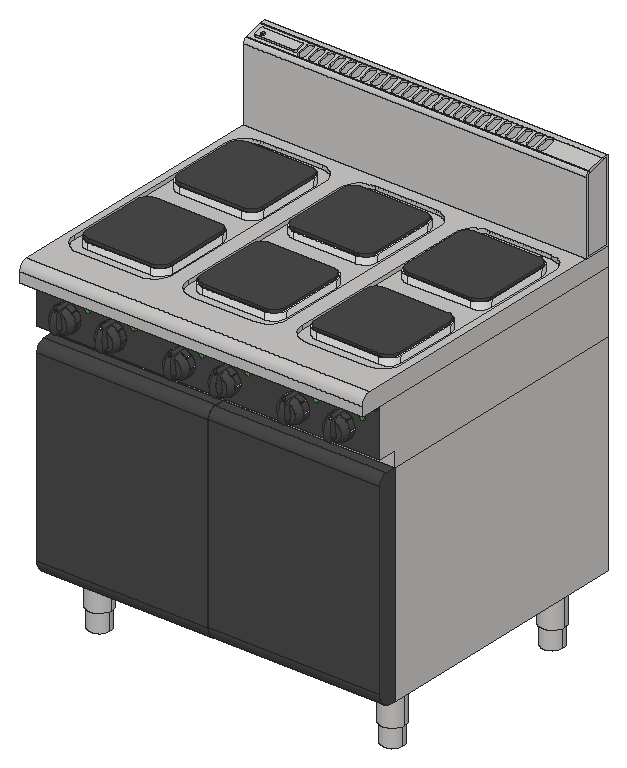
Revit family "QF_Moffat_RNB8600SE-CD_Electric_Cooktops_Sealed_Hobs_cat", category Specialty Equipment, Revit 2019 (continued)
Definition of nested family "High and Low Option"
  Forms (mm)
    Extrusion 10, solid, visible <- "High Back", not visible
      sketch origin (0, -15, 1130) x (0, -0.965926, -0.258819) y (1, 0, 0)
        loop
          line (11.379, 456.67) -> (36.495, 456.67)
          arc (36.495, 456.67) -> (46.495, 466.67) -> (36.495, 476.67) r 10
          line (36.495, 476.67) -> (11.379, 476.67)
        loop
          arc (11.379, 503.95) -> (1.379, 493.95) -> (11.379, 483.95) r 10
          line (11.379, 483.95) -> (36.495, 483.95)
          arc (36.495, 483.95) -> (46.495, 493.95) -> (36.495, 503.95) r 10
          line (36.495, 503.95) -> (11.379, 503.95)
        loop
          arc (11.379, 531.23) -> (1.379, 521.23) -> (11.379, 511.23) r 10
          line (11.379, 511.23) -> (36.495, 511.23)
          arc (36.495, 511.23) -> (46.495, 521.23) -> (36.495, 531.23) r 10
          line (36.495, 531.23) -> (11.379, 531.23)
        loop
          arc (11.379, 558.511) -> (1.379, 548.511) -> (11.379, 538.511) r 10
          line (11.379, 538.511) -> (36.495, 538.511)
          arc (36.495, 538.511) -> (46.495, 548.511) -> (36.495, 558.511) r 10
          line (36.495, 558.511) -> (11.379, 558.511)
        loop
          arc (11.379, 585.791) -> (1.379, 575.791) -> (11.379, 565.791) r 10
          line (11.379, 565.791) -> (36.495, 565.791)
          arc (36.495, 565.791) -> (46.495, 575.791) -> (36.495, 585.791) r 10
          line (36.495, 585.791) -> (11.379, 585.791)
        loop
          arc (11.379, 613.071) -> (1.379, 603.071) -> (11.379, 593.071) r 10
          line (11.379, 593.071) -> (36.495, 593.071)
          arc (36.495, 593.071) -> (46.495, 603.071) -> (36.495, 613.071) r 10
          line (36.495, 613.071) -> (11.379, 613.071)
        loop
          arc (11.379, 640.351) -> (1.379, 630.351) -> (11.379, 620.351) r 10
          line (11.379, 620.351) -> (36.495, 620.351)
          arc (36.495, 620.351) -> (46.495, 630.351) -> (36.495, 640.351) r 10
          line (36.495, 640.351) -> (11.379, 640.351)
        loop
          arc (11.379, 667.632) -> (1.379, 657.632) -> (11.379, 647.632) r 10
          line (11.379, 647.632) -> (36.495, 647.632)
          arc (36.495, 647.632) -> (46.495, 657.632) -> (36.495, 667.632) r 10
          line (36.495, 667.632) -> (11.379, 667.632)
        loop
          arc (11.379, 694.912) -> (1.379, 684.912) -> (11.379, 674.912) r 10
          line (11.379, 674.912) -> (36.495, 674.912)
          arc (36.495, 674.912) -> (46.495, 684.912) -> (36.495, 694.912) r 10
          line (36.495, 694.912) -> (11.379, 694.912)
        loop
          arc (11.379, 722.192) -> (1.379, 712.192) -> (11.379, 702.192) r 10
          line (11.379, 702.192) -> (36.495, 702.192)
          arc (36.495, 702.192) -> (46.495, 712.192) -> (36.495, 722.192) r 10
          line (36.495, 722.192) -> (11.379, 722.192)
        loop
          arc (11.379, 749.472) -> (1.379, 739.472) -> (11.379, 729.472) r 10
          line (11.379, 729.472) -> (36.495, 729.472)
          arc (36.495, 729.472) -> (46.495, 739.472) -> (36.495, 749.472) r 10
          line (36.495, 749.472) -> (11.379, 749.472)
        loop
          arc (11.379, 776.752) -> (1.379, 766.752) -> (11.379, 756.752) r 10
          line (11.379, 756.752) -> (36.495, 756.752)
          arc (36.495, 756.752) -> (46.495, 766.752) -> (36.495, 776.752) r 10
          line (36.495, 776.752) -> (11.379, 776.752)
      from 0 to -3.2
  Lines and regions (mm)
    symbolic lines
      curve 1: line (0, -71.587, 946.25) -> (0, -71.587, 923.25)
      curve 2: line (0, 0, 0) -> (900, 0, 0)
      curve 3: line (0, -70, 0) -> (0, 0, 0)
      curve 4: line (900, -70, 0) -> (0, -70, 0)
      curve 5: line (900, 0, 0) -> (900, -70, 0)
      curve 202: line (0, 0, 0) -> (900, 0, 0)
      curve 203: line (0, -70, 0) -> (0, 0, 0)
      curve 204: line (900, -70, 0) -> (0, -70, 0)
      curve 205: line (900, 0, 0) -> (900, -70, 0)
    symbolic lines, visible <- "High Back"
      curve 6: line (129.307, -50.251, 0) -> (129.307, -25.991, 0)
      curve 7: spline (129.307, -25.991, 0) -> (129.648, -23.491, 0) -> (130.647, -21.162, 0) -> (132.236, -19.161, 0) -> (134.307, -17.626, 0) -> (136.719, -16.661, 0) -> (139.307, -16.332, 0) -> (141.896, -16.661, 0) -> (144.307, -17.626, 0) -> (146.379, -19.161, 0) -> (147.968, -21.162, 0) -> (148.967, -23.491, 0) -> (149.307, -25.991, 0)
      curve 8: line (149.307, -25.991, 0) -> (149.307, -50.251, 0)
      curve 9: spline (149.307, -50.251, 0) -> (148.967, -52.751, 0) -> (147.968, -55.081, 0) -> (146.379, -57.081, 0) -> (144.307, -58.616, 0) -> (141.896, -59.581, 0) -> (139.307, -59.91, 0) -> (136.719, -59.581, 0) -> (134.307, -58.616, 0) -> (132.236, -57.081, 0) -> (130.647, -55.081, 0) -> (129.648, -52.751, 0) -> (129.307, -50.251, 0)
      curve 10: line (156.588, -50.251, 0) -> (156.588, -25.991, 0)
      curve 11: spline (156.588, -25.991, 0) -> (156.928, -23.491, 0) -> (157.927, -21.162, 0) -> (159.517, -19.161, 0) -> (161.588, -17.626, 0) -> (164, -16.661, 0) -> (166.588, -16.332, 0) -> (169.176, -16.661, 0) -> (171.588, -17.626, 0) -> (173.659, -19.161, 0) -> (175.248, -21.162, 0) -> (176.247, -23.491, 0) -> (176.588, -25.991, 0)
      curve 12: line (176.588, -25.991, 0) -> (176.588, -50.251, 0)
      curve 13: spline (176.588, -50.251, 0) -> (176.247, -52.751, 0) -> (175.248, -55.081, 0) -> (173.659, -57.081, 0) -> (171.588, -58.616, 0) -> (169.176, -59.581, 0) -> (166.588, -59.91, 0) -> (164, -59.581, 0) -> (161.588, -58.616, 0) -> (159.517, -57.081, 0) -> (157.927, -55.081, 0) -> (156.928, -52.751, 0) -> (156.588, -50.251, 0)
      curve 14: line (183.868, -50.251, 0) -> (183.868, -25.991, 0)
      curve 15: spline (183.868, -25.991, 0) -> (184.209, -23.491, 0) -> (185.208, -21.162, 0) -> (186.797, -19.161, 0) -> (188.868, -17.626, 0) -> (191.28, -16.661, 0) -> (193.868, -16.332, 0) -> (196.456, -16.661, 0) -> (198.868, -17.626, 0) -> (200.939, -19.161, 0) -> (202.528, -21.162, 0) -> (203.527, -23.491, 0) -> (203.868, -25.991, 0)
      curve 16: line (203.868, -25.991, 0) -> (203.868, -50.251, 0)
      curve 17: spline (203.868, -50.251, 0) -> (203.527, -52.751, 0) -> (202.528, -55.081, 0) -> (200.939, -57.081, 0) -> (198.868, -58.616, 0) -> (196.456, -59.581, 0) -> (193.868, -59.91, 0) -> (191.28, -59.581, 0) -> (188.868, -58.616, 0) -> (186.797, -57.081, 0) -> (185.208, -55.081, 0) -> (184.209, -52.751, 0) -> (183.868, -50.251, 0)
      curve 18: line (211.148, -50.251, 0) -> (211.148, -25.991, 0)
      curve 19: spline (211.148, -25.991, 0) -> (211.489, -23.491, 0) -> (212.488, -21.162, 0) -> (214.077, -19.161, 0) -> (216.148, -17.626, 0) -> (218.56, -16.661, 0) -> (221.148, -16.332, 0) -> (223.736, -16.661, 0) -> (226.148, -17.626, 0) -> (228.219, -19.161, 0) -> (229.808, -21.162, 0) -> (230.807, -23.491, 0) -> (231.148, -25.991, 0)
      curve 20: line (231.148, -25.991, 0) -> (231.148, -50.251, 0)
      curve 21: spline (231.148, -50.251, 0) -> (230.807, -52.751, 0) -> (229.808, -55.081, 0) -> (228.219, -57.081, 0) -> (226.148, -58.616, 0) -> (223.736, -59.581, 0) -> (221.148, -59.91, 0) -> (218.56, -59.581, 0) -> (216.148, -58.616, 0) -> (214.077, -57.081, 0) -> (212.488, -55.081, 0) -> (211.489, -52.751, 0) -> (211.148, -50.251, 0)
      curve 22: line (238.428, -50.251, 0) -> (238.428, -25.991, 0)
      curve 23: spline (238.428, -25.991, 0) -> (238.769, -23.491, 0) -> (239.768, -21.162, 0) -> (241.357, -19.161, 0) -> (243.428, -17.626, 0) -> (245.84, -16.661, 0) -> (248.428, -16.332, 0) -> (251.017, -16.661, 0) -> (253.428, -17.626, 0) -> (255.499, -19.161, 0) -> (257.089, -21.162, 0) -> (258.088, -23.491, 0) -> (258.428, -25.991, 0)
      curve 24: line (258.428, -25.991, 0) -> (258.428, -50.251, 0)
      curve 25: spline (258.428, -50.251, 0) -> (258.088, -52.751, 0) -> (257.089, -55.081, 0) -> (255.499, -57.081, 0) -> (253.428, -58.616, 0) -> (251.017, -59.581, 0) -> (248.428, -59.91, 0) -> (245.84, -59.581, 0) -> (243.428, -58.616, 0) -> (241.357, -57.081, 0) -> (239.768, -55.081, 0) -> (238.769, -52.751, 0) -> (238.428, -50.251, 0)
      curve 26: line (265.709, -50.251, 0) -> (265.709, -25.991, 0)
      curve 27: spline (265.709, -25.991, 0) -> (266.049, -23.491, 0) -> (267.048, -21.162, 0) -> (268.637, -19.161, 0) -> (270.709, -17.626, 0) -> (273.12, -16.661, 0) -> (275.709, -16.332, 0) -> (278.297, -16.661, 0) -> (280.709, -17.626, 0) -> (282.78, -19.161, 0) -> (284.369, -21.162, 0) -> (285.368, -23.491, 0) -> (285.709, -25.991, 0)
      curve 28: line (285.709, -25.991, 0) -> (285.709, -50.251, 0)
      curve 29: spline (285.709, -50.251, 0) -> (285.368, -52.751, 0) -> (284.369, -55.081, 0) -> (282.78, -57.081, 0) -> (280.709, -58.616, 0) -> (278.297, -59.581, 0) -> (275.709, -59.91, 0) -> (273.12, -59.581, 0) -> (270.709, -58.616, 0) -> (268.637, -57.081, 0) -> (267.048, -55.081, 0) -> (266.049, -52.751, 0) -> (265.709, -50.251, 0)
      curve 30: line (292.989, -50.251, 0) -> (292.989, -25.991, 0)
      curve 31: spline (292.989, -25.991, 0) -> (293.329, -23.491, 0) -> (294.329, -21.162, 0) -> (295.918, -19.161, 0) -> (297.989, -17.626, 0) -> (300.401, -16.661, 0) -> (302.989, -16.332, 0) -> (305.577, -16.661, 0) -> (307.989, -17.626, 0) -> (310.06, -19.161, 0) -> (311.649, -21.162, 0) -> (312.648, -23.491, 0) -> (312.989, -25.991, 0)
      curve 32: line (312.989, -25.991, 0) -> (312.989, -50.251, 0)
      curve 33: spline (312.989, -50.251, 0) -> (312.648, -52.751, 0) -> (311.649, -55.081, 0) -> (310.06, -57.081, 0) -> (307.989, -58.616, 0) -> (305.577, -59.581, 0) -> (302.989, -59.91, 0) -> (300.401, -59.581, 0) -> (297.989, -58.616, 0) -> (295.918, -57.081, 0) -> (294.329, -55.081, 0) -> (293.329, -52.751, 0) -> (292.989, -50.251, 0)
      curve 34: line (320.269, -50.251, 0) -> (320.269, -25.991, 0)
      curve 35: spline (320.269, -25.991, 0) -> (320.61, -23.491, 0) -> (321.609, -21.162, 0) -> (323.198, -19.161, 0) -> (325.269, -17.626, 0) -> (327.681, -16.661, 0) -> (330.269, -16.332, 0) -> (332.857, -16.661, 0) -> (335.269, -17.626, 0) -> (337.34, -19.161, 0) -> (338.929, -21.162, 0) -> (339.928, -23.491, 0) -> (340.269, -25.991, 0)
      curve 36: line (340.269, -25.991, 0) -> (340.269, -50.251, 0)
      curve 37: spline (340.269, -50.251, 0) -> (339.928, -52.751, 0) -> (338.929, -55.081, 0) -> (337.34, -57.081, 0) -> (335.269, -58.616, 0) -> (332.857, -59.581, 0) -> (330.269, -59.91, 0) -> (327.681, -59.581, 0) -> (325.269, -58.616, 0) -> (323.198, -57.081, 0) -> (321.609, -55.081, 0) -> (320.61, -52.751, 0) -> (320.269, -50.251, 0)
      curve 38: line (347.549, -50.251, 0) -> (347.549, -25.991, 0)
      curve 39: spline (347.549, -25.991, 0) -> (347.89, -23.491, 0) -> (348.889, -21.162, 0) -> (350.478, -19.161, 0) -> (352.549, -17.626, 0) -> (354.961, -16.661, 0) -> (357.549, -16.332, 0) -> (360.137, -16.661, 0) -> (362.549, -17.626, 0) -> (364.62, -19.161, 0) -> (366.209, -21.162, 0) -> (367.208, -23.491, 0) -> (367.549, -25.991, 0)
      curve 40: line (367.549, -25.991, 0) -> (367.549, -50.251, 0)
      curve 41: spline (367.549, -50.251, 0) -> (367.208, -52.751, 0) -> (366.209, -55.081, 0) -> (364.62, -57.081, 0) -> (362.549, -58.616, 0) -> (360.137, -59.581, 0) -> (357.549, -59.91, 0) -> (354.961, -59.581, 0) -> (352.549, -58.616, 0) -> (350.478, -57.081, 0) -> (348.889, -55.081, 0) -> (347.89, -52.751, 0) -> (347.549, -50.251, 0)
      curve 42: line (374.829, -50.251, 0) -> (374.829, -25.991, 0)
      curve 43: spline (374.829, -25.991, 0) -> (375.17, -23.491, 0) -> (376.169, -21.162, 0) -> (377.758, -19.161, 0) -> (379.829, -17.626, 0) -> (382.241, -16.661, 0) -> (384.829, -16.332, 0) -> (387.418, -16.661, 0) -> (389.829, -17.626, 0) -> (391.9, -19.161, 0) -> (393.49, -21.162, 0) -> (394.489, -23.491, 0) -> (394.829, -25.991, 0)
      curve 44: line (394.829, -25.991, 0) -> (394.829, -50.251, 0)
      curve 45: spline (394.829, -50.251, 0) -> (394.489, -52.751, 0) -> (393.49, -55.081, 0) -> (391.9, -57.081, 0) -> (389.829, -58.616, 0) -> (387.418, -59.581, 0) -> (384.829, -59.91, 0) -> (382.241, -59.581, 0) -> (379.829, -58.616, 0) -> (377.758, -57.081, 0) -> (376.169, -55.081, 0) -> (375.17, -52.751, 0) -> (374.829, -50.251, 0)
      curve 46: line (402.11, -50.251, 0) -> (402.11, -25.991, 0)
      curve 47: spline (402.11, -25.991, 0) -> (402.45, -23.491, 0) -> (403.449, -21.162, 0) -> (405.039, -19.161, 0) -> (407.11, -17.626, 0) -> (409.521, -16.661, 0) -> (412.11, -16.332, 0) -> (414.698, -16.661, 0) -> (417.11, -17.626, 0) -> (419.181, -19.161, 0) -> (420.77, -21.162, 0) -> (421.769, -23.491, 0) -> (422.11, -25.991, 0)
      curve 48: line (422.11, -25.991, 0) -> (422.11, -50.251, 0)
      curve 49: spline (422.11, -50.251, 0) -> (421.769, -52.751, 0) -> (420.77, -55.081, 0) -> (419.181, -57.081, 0) -> (417.11, -58.616, 0) -> (414.698, -59.581, 0) -> (412.11, -59.91, 0) -> (409.521, -59.581, 0) -> (407.11, -58.616, 0) -> (405.039, -57.081, 0) -> (403.449, -55.081, 0) -> (402.45, -52.751, 0) -> (402.11, -50.251, 0)
      curve 50: line (429.39, -50.251, 0) -> (429.39, -25.991, 0)
      curve 51: spline (429.39, -25.991, 0) -> (429.731, -23.491, 0) -> (430.73, -21.162, 0) -> (432.319, -19.161, 0) -> (434.39, -17.626, 0) -> (436.802, -16.661, 0) -> (439.39, -16.332, 0) -> (441.978, -16.661, 0) -> (444.39, -17.626, 0) -> (446.461, -19.161, 0) -> (448.05, -21.162, 0) -> (449.049, -23.491, 0) -> (449.39, -25.991, 0)
      curve 52: line (449.39, -25.991, 0) -> (449.39, -50.251, 0)
      curve 53: spline (449.39, -50.251, 0) -> (449.049, -52.751, 0) -> (448.05, -55.081, 0) -> (446.461, -57.081, 0) -> (444.39, -58.616, 0) -> (441.978, -59.581, 0) -> (439.39, -59.91, 0) -> (436.802, -59.581, 0) -> (434.39, -58.616, 0) -> (432.319, -57.081, 0) -> (430.73, -55.081, 0) -> (429.731, -52.751, 0) -> (429.39, -50.251, 0)
      curve 54: line (456.67, -50.251, 0) -> (456.67, -25.991, 0)
      curve 55: spline (456.67, -25.991, 0) -> (457.011, -23.491, 0) -> (458.01, -21.162, 0) -> (459.599, -19.161, 0) -> (461.67, -17.626, 0) -> (464.082, -16.661, 0) -> (466.67, -16.332, 0) -> (469.258, -16.661, 0) -> (471.67, -17.626, 0) -> (473.741, -19.161, 0) -> (475.33, -21.162, 0) -> (476.329, -23.491, 0) -> (476.67, -25.991, 0)
      curve 56: line (476.67, -25.991, 0) -> (476.67, -50.251, 0)
      curve 57: spline (476.67, -50.251, 0) -> (476.329, -52.751, 0) -> (475.33, -55.081, 0) -> (473.741, -57.081, 0) -> (471.67, -58.616, 0) -> (469.258, -59.581, 0) -> (466.67, -59.91, 0) -> (464.082, -59.581, 0) -> (461.67, -58.616, 0) -> (459.599, -57.081, 0) -> (458.01, -55.081, 0) -> (457.011, -52.751, 0) -> (456.67, -50.251, 0)
      curve 58: line (483.95, -50.251, 0) -> (483.95, -25.991, 0)
      curve 59: spline (483.95, -25.991, 0) -> (484.291, -23.491, 0) -> (485.29, -21.162, 0) -> (486.879, -19.161, 0) -> (488.95, -17.626, 0) -> (491.362, -16.661, 0) -> (493.95, -16.332, 0) -> (496.538, -16.661, 0) -> (498.95, -17.626, 0) -> (501.021, -19.161, 0) -> (502.61, -21.162, 0) -> (503.609, -23.491, 0) -> (503.95, -25.991, 0)
      curve 60: line (503.95, -25.991, 0) -> (503.95, -50.251, 0)
      curve 61: spline (503.95, -50.251, 0) -> (503.609, -52.751, 0) -> (502.61, -55.081, 0) -> (501.021, -57.081, 0) -> (498.95, -58.616, 0) -> (496.538, -59.581, 0) -> (493.95, -59.91, 0) -> (491.362, -59.581, 0) -> (488.95, -58.616, 0) -> (486.879, -57.081, 0) -> (485.29, -55.081, 0) -> (484.291, -52.751, 0) -> (483.95, -50.251, 0)
      curve 62: line (511.23, -50.251, 0) -> (511.23, -25.991, 0)
      curve 63: spline (511.23, -25.991, 0) -> (511.571, -23.491, 0) -> (512.57, -21.162, 0) -> (514.159, -19.161, 0) -> (516.23, -17.626, 0) -> (518.642, -16.661, 0) -> (521.23, -16.332, 0) -> (523.819, -16.661, 0) -> (526.23, -17.626, 0) -> (528.302, -19.161, 0) -> (529.891, -21.162, 0) -> (530.89, -23.491, 0) -> (531.23, -25.991, 0)
      curve 64: line (531.23, -25.991, 0) -> (531.23, -50.251, 0)
      curve 65: spline (531.23, -50.251, 0) -> (530.89, -52.751, 0) -> (529.891, -55.081, 0) -> (528.302, -57.081, 0) -> (526.23, -58.616, 0) -> (523.819, -59.581, 0) -> (521.23, -59.91, 0) -> (518.642, -59.581, 0) -> (516.23, -58.616, 0) -> (514.159, -57.081, 0) -> (512.57, -55.081, 0) -> (511.571, -52.751, 0) -> (511.23, -50.251, 0)
      curve 66: line (538.511, -50.251, 0) -> (538.511, -25.991, 0)
      curve 67: spline (538.511, -25.991, 0) -> (538.851, -23.491, 0) -> (539.85, -21.162, 0) -> (541.44, -19.161, 0) -> (543.511, -17.626, 0) -> (545.922, -16.661, 0) -> (548.511, -16.332, 0) -> (551.099, -16.661, 0) -> (553.511, -17.626, 0) -> (555.582, -19.161, 0) -> (557.171, -21.162, 0) -> (558.17, -23.491, 0) -> (558.511, -25.991, 0)
      curve 68: line (558.511, -25.991, 0) -> (558.511, -50.251, 0)
      curve 69: spline (558.511, -50.251, 0) -> (558.17, -52.751, 0) -> (557.171, -55.081, 0) -> (555.582, -57.081, 0) -> (553.511, -58.616, 0) -> (551.099, -59.581, 0) -> (548.511, -59.91, 0) -> (545.922, -59.581, 0) -> (543.511, -58.616, 0) -> (541.44, -57.081, 0) -> (539.85, -55.081, 0) -> (538.851, -52.751, 0) -> (538.511, -50.251, 0)
      curve 70: line (565.791, -50.251, 0) -> (565.791, -25.991, 0)
      curve 71: spline (565.791, -25.991, 0) -> (566.132, -23.491, 0) -> (567.131, -21.162, 0) -> (568.72, -19.161, 0) -> (570.791, -17.626, 0) -> (573.203, -16.661, 0) -> (575.791, -16.332, 0) -> (578.379, -16.661, 0) -> (580.791, -17.626, 0) -> (582.862, -19.161, 0) -> (584.451, -21.162, 0) -> (585.45, -23.491, 0) -> (585.791, -25.991, 0)
      curve 72: line (585.791, -25.991, 0) -> (585.791, -50.251, 0)
      curve 73: spline (585.791, -50.251, 0) -> (585.45, -52.751, 0) -> (584.451, -55.081, 0) -> (582.862, -57.081, 0) -> (580.791, -58.616, 0) -> (578.379, -59.581, 0) -> (575.791, -59.91, 0) -> (573.203, -59.581, 0) -> (570.791, -58.616, 0) -> (568.72, -57.081, 0) -> (567.131, -55.081, 0) -> (566.132, -52.751, 0) -> (565.791, -50.251, 0)
      curve 74: line (593.071, -50.251, 0) -> (593.071, -25.991, 0)
      curve 75: spline (593.071, -25.991, 0) -> (593.412, -23.491, 0) -> (594.411, -21.162, 0) -> (596, -19.161, 0) -> (598.071, -17.626, 0) -> (600.483, -16.661, 0) -> (603.071, -16.332, 0) -> (605.659, -16.661, 0) -> (608.071, -17.626, 0) -> (610.142, -19.161, 0) -> (611.731, -21.162, 0) -> (612.73, -23.491, 0) -> (613.071, -25.991, 0)
      curve 76: line (613.071, -25.991, 0) -> (613.071, -50.251, 0)
      curve 77: spline (613.071, -50.251, 0) -> (612.73, -52.751, 0) -> (611.731, -55.081, 0) -> (610.142, -57.081, 0) -> (608.071, -58.616, 0) -> (605.659, -59.581, 0) -> (603.071, -59.91, 0) -> (600.483, -59.581, 0) -> (598.071, -58.616, 0) -> (596, -57.081, 0) -> (594.411, -55.081, 0) -> (593.412, -52.751, 0) -> (593.071, -50.251, 0)
      curve 78: line (620.351, -50.251, 0) -> (620.351, -25.991, 0)
      curve 79: spline (620.351, -25.991, 0) -> (620.692, -23.491, 0) -> (621.691, -21.162, 0) -> (623.28, -19.161, 0) -> (625.351, -17.626, 0) -> (627.763, -16.661, 0) -> (630.351, -16.332, 0) -> (632.939, -16.661, 0) -> (635.351, -17.626, 0) -> (637.422, -19.161, 0) -> (639.012, -21.162, 0) -> (640.011, -23.491, 0) -> (640.351, -25.991, 0)
      curve 80: line (640.351, -25.991, 0) -> (640.351, -50.251, 0)
      curve 81: spline (640.351, -50.251, 0) -> (640.011, -52.751, 0) -> (639.012, -55.081, 0) -> (637.422, -57.081, 0) -> (635.351, -58.616, 0) -> (632.939, -59.581, 0) -> (630.351, -59.91, 0) -> (627.763, -59.581, 0) -> (625.351, -58.616, 0) -> (623.28, -57.081, 0) -> (621.691, -55.081, 0) -> (620.692, -52.751, 0) -> (620.351, -50.251, 0)
      curve 82: line (647.632, -50.251, 0) -> (647.632, -25.991, 0)
      curve 83: spline (647.632, -25.991, 0) -> (647.972, -23.491, 0) -> (648.971, -21.162, 0) -> (650.56, -19.161, 0) -> (652.632, -17.626, 0) -> (655.043, -16.661, 0) -> (657.632, -16.332, 0) -> (660.22, -16.661, 0) -> (662.632, -17.626, 0) -> (664.703, -19.161, 0) -> (666.292, -21.162, 0) -> (667.291, -23.491, 0) -> (667.632, -25.991, 0)
      curve 84: line (667.632, -25.991, 0) -> (667.632, -50.251, 0)
      curve 85: spline (667.632, -50.251, 0) -> (667.291, -52.751, 0) -> (666.292, -55.081, 0) -> (664.703, -57.081, 0) -> (662.632, -58.616, 0) -> (660.22, -59.581, 0) -> (657.632, -59.91, 0) -> (655.043, -59.581, 0) -> (652.632, -58.616, 0) -> (650.56, -57.081, 0) -> (648.971, -55.081, 0) -> (647.972, -52.751, 0) -> (647.632, -50.251, 0)
      curve 86: line (674.912, -50.251, 0) -> (674.912, -25.991, 0)
      curve 87: spline (674.912, -25.991, 0) -> (675.252, -23.491, 0) -> (676.251, -21.162, 0) -> (677.841, -19.161, 0) -> (679.912, -17.626, 0) -> (682.324, -16.661, 0) -> (684.912, -16.332, 0) -> (687.5, -16.661, 0) -> (689.912, -17.626, 0) -> (691.983, -19.161, 0) -> (693.572, -21.162, 0) -> (694.571, -23.491, 0) -> (694.912, -25.991, 0)
      curve 88: line (694.912, -25.991, 0) -> (694.912, -50.251, 0)
      curve 89: spline (694.912, -50.251, 0) -> (694.571, -52.751, 0) -> (693.572, -55.081, 0) -> (691.983, -57.081, 0) -> (689.912, -58.616, 0) -> (687.5, -59.581, 0) -> (684.912, -59.91, 0) -> (682.324, -59.581, 0) -> (679.912, -58.616, 0) -> (677.841, -57.081, 0) -> (676.251, -55.081, 0) -> (675.252, -52.751, 0) -> (674.912, -50.251, 0)
      curve 90: line (702.192, -50.251, 0) -> (702.192, -25.991, 0)
      curve 91: spline (702.192, -25.991, 0) -> (702.533, -23.491, 0) -> (703.532, -21.162, 0) -> (705.121, -19.161, 0) -> (707.192, -17.626, 0) -> (709.604, -16.661, 0) -> (712.192, -16.332, 0) -> (714.78, -16.661, 0) -> (717.192, -17.626, 0) -> (719.263, -19.161, 0) -> (720.852, -21.162, 0) -> (721.851, -23.491, 0) -> (722.192, -25.991, 0)
      curve 92: line (722.192, -25.991, 0) -> (722.192, -50.251, 0)
      curve 93: spline (722.192, -50.251, 0) -> (721.851, -52.751, 0) -> (720.852, -55.081, 0) -> (719.263, -57.081, 0) -> (717.192, -58.616, 0) -> (714.78, -59.581, 0) -> (712.192, -59.91, 0) -> (709.604, -59.581, 0) -> (707.192, -58.616, 0) -> (705.121, -57.081, 0) -> (703.532, -55.081, 0) -> (702.533, -52.751, 0) -> (702.192, -50.251, 0)
      curve 94: line (729.472, -50.251, 0) -> (729.472, -25.991, 0)
      curve 95: spline (729.472, -25.991, 0) -> (729.813, -23.491, 0) -> (730.812, -21.162, 0) -> (732.401, -19.161, 0) -> (734.472, -17.626, 0) -> (736.884, -16.661, 0) -> (739.472, -16.332, 0) -> (742.06, -16.661, 0) -> (744.472, -17.626, 0) -> (746.543, -19.161, 0) -> (748.132, -21.162, 0) -> (749.131, -23.491, 0) -> (749.472, -25.991, 0)
      curve 96: line (749.472, -25.991, 0) -> (749.472, -50.251, 0)
      curve 97: spline (749.472, -50.251, 0) -> (749.131, -52.751, 0) -> (748.132, -55.081, 0) -> (746.543, -57.081, 0) -> (744.472, -58.616, 0) -> (742.06, -59.581, 0) -> (739.472, -59.91, 0) -> (736.884, -59.581, 0) -> (734.472, -58.616, 0) -> (732.401, -57.081, 0) -> (730.812, -55.081, 0) -> (729.813, -52.751, 0) -> (729.472, -50.251, 0)
      curve 98: line (756.752, -50.251, 0) -> (756.752, -25.991, 0)
      curve 99: spline (756.752, -25.991, 0) -> (757.093, -23.491, 0) -> (758.092, -21.162, 0) -> (759.681, -19.161, 0) -> (761.752, -17.626, 0) -> (764.164, -16.661, 0) -> (766.752, -16.332, 0) -> (769.341, -16.661, 0) -> (771.752, -17.626, 0) -> (773.823, -19.161, 0) -> (775.413, -21.162, 0) -> (776.412, -23.491, 0) -> (776.752, -25.991, 0)
      curve 100: line (776.752, -25.991, 0) -> (776.752, -50.251, 0)
      curve 101: spline (776.752, -50.251, 0) -> (776.412, -52.751, 0) -> (775.413, -55.081, 0) -> (773.823, -57.081, 0) -> (771.752, -58.616, 0) -> (769.341, -59.581, 0) -> (766.752, -59.91, 0) -> (764.164, -59.581, 0) -> (761.752, -58.616, 0) -> (759.681, -57.081, 0) -> (758.092, -55.081, 0) -> (757.093, -52.751, 0) -> (756.752, -50.251, 0)
    symbolic lines, not visible
      curve 102: line (0, 0, 0) -> (900, 0, 0)
      curve 103: line (0, -70, 0) -> (0, 0, 0)
      curve 104: line (900, -70, 0) -> (0, -70, 0)
      curve 105: line (900, 0, 0) -> (900, -70, 0)
      curve 206: line (0, 0, 0) -> (900, 0, 0)
      curve 207: line (0, -70, 0) -> (0, 0, 0)
      curve 208: line (900, -70, 0) -> (0, -70, 0)
      curve 209: line (900, 0, 0) -> (900, -70, 0)
    symbolic lines, visible <- "High Back", not visible
      curve 106: line (129.307, -50.251, 0) -> (129.307, -25.991, 0)
      curve 107: spline (129.307, -25.991, 0) -> (129.648, -23.491, 0) -> (130.647, -21.162, 0) -> (132.236, -19.161, 0) -> (134.307, -17.626, 0) -> (136.719, -16.661, 0) -> (139.307, -16.332, 0) -> (141.896, -16.661, 0) -> (144.307, -17.626, 0) -> (146.379, -19.161, 0) -> (147.968, -21.162, 0) -> (148.967, -23.491, 0) -> (149.307, -25.991, 0)
      curve 108: line (149.307, -25.991, 0) -> (149.307, -50.251, 0)
      curve 109: spline (149.307, -50.251, 0) -> (148.967, -52.751, 0) -> (147.968, -55.081, 0) -> (146.379, -57.081, 0) -> (144.307, -58.616, 0) -> (141.896, -59.581, 0) -> (139.307, -59.91, 0) -> (136.719, -59.581, 0) -> (134.307, -58.616, 0) -> (132.236, -57.081, 0) -> (130.647, -55.081, 0) -> (129.648, -52.751, 0) -> (129.307, -50.251, 0)
      curve 110: line (156.588, -50.251, 0) -> (156.588, -25.991, 0)
      curve 111: spline (156.588, -25.991, 0) -> (156.928, -23.491, 0) -> (157.927, -21.162, 0) -> (159.517, -19.161, 0) -> (161.588, -17.626, 0) -> (164, -16.661, 0) -> (166.588, -16.332, 0) -> (169.176, -16.661, 0) -> (171.588, -17.626, 0) -> (173.659, -19.161, 0) -> (175.248, -21.162, 0) -> (176.247, -23.491, 0) -> (176.588, -25.991, 0)
      curve 112: line (176.588, -25.991, 0) -> (176.588, -50.251, 0)
      curve 113: spline (176.588, -50.251, 0) -> (176.247, -52.751, 0) -> (175.248, -55.081, 0) -> (173.659, -57.081, 0) -> (171.588, -58.616, 0) -> (169.176, -59.581, 0) -> (166.588, -59.91, 0) -> (164, -59.581, 0) -> (161.588, -58.616, 0) -> (159.517, -57.081, 0) -> (157.927, -55.081, 0) -> (156.928, -52.751, 0) -> (156.588, -50.251, 0)
      curve 114: line (183.868, -50.251, 0) -> (183.868, -25.991, 0)
      curve 115: spline (183.868, -25.991, 0) -> (184.209, -23.491, 0) -> (185.208, -21.162, 0) -> (186.797, -19.161, 0) -> (188.868, -17.626, 0) -> (191.28, -16.661, 0) -> (193.868, -16.332, 0) -> (196.456, -16.661, 0) -> (198.868, -17.626, 0) -> (200.939, -19.161, 0) -> (202.528, -21.162, 0) -> (203.527, -23.491, 0) -> (203.868, -25.991, 0)
      curve 116: line (203.868, -25.991, 0) -> (203.868, -50.251, 0)
      curve 117: spline (203.868, -50.251, 0) -> (203.527, -52.751, 0) -> (202.528, -55.081, 0) -> (200.939, -57.081, 0) -> (198.868, -58.616, 0) -> (196.456, -59.581, 0) -> (193.868, -59.91, 0) -> (191.28, -59.581, 0) -> (188.868, -58.616, 0) -> (186.797, -57.081, 0) -> (185.208, -55.081, 0) -> (184.209, -52.751, 0) -> (183.868, -50.251, 0)
      curve 118: line (211.148, -50.251, 0) -> (211.148, -25.991, 0)
      curve 119: spline (211.148, -25.991, 0) -> (211.489, -23.491, 0) -> (212.488, -21.162, 0) -> (214.077, -19.161, 0) -> (216.148, -17.626, 0) -> (218.56, -16.661, 0) -> (221.148, -16.332, 0) -> (223.736, -16.661, 0) -> (226.148, -17.626, 0) -> (228.219, -19.161, 0) -> (229.808, -21.162, 0) -> (230.807, -23.491, 0) -> (231.148, -25.991, 0)
      curve 120: line (231.148, -25.991, 0) -> (231.148, -50.251, 0)
      curve 121: spline (231.148, -50.251, 0) -> (230.807, -52.751, 0) -> (229.808, -55.081, 0) -> (228.219, -57.081, 0) -> (226.148, -58.616, 0) -> (223.736, -59.581, 0) -> (221.148, -59.91, 0) -> (218.56, -59.581, 0) -> (216.148, -58.616, 0) -> (214.077, -57.081, 0) -> (212.488, -55.081, 0) -> (211.489, -52.751, 0) -> (211.148, -50.251, 0)
      curve 122: line (238.428, -50.251, 0) -> (238.428, -25.991, 0)
      curve 123: spline (238.428, -25.991, 0) -> (238.769, -23.491, 0) -> (239.768, -21.162, 0) -> (241.357, -19.161, 0) -> (243.428, -17.626, 0) -> (245.84, -16.661, 0) -> (248.428, -16.332, 0) -> (251.017, -16.661, 0) -> (253.428, -17.626, 0) -> (255.499, -19.161, 0) -> (257.089, -21.162, 0) -> (258.088, -23.491, 0) -> (258.428, -25.991, 0)
      curve 124: line (258.428, -25.991, 0) -> (258.428, -50.251, 0)
      curve 125: spline (258.428, -50.251, 0) -> (258.088, -52.751, 0) -> (257.089, -55.081, 0) -> (255.499, -57.081, 0) -> (253.428, -58.616, 0) -> (251.017, -59.581, 0) -> (248.428, -59.91, 0) -> (245.84, -59.581, 0) -> (243.428, -58.616, 0) -> (241.357, -57.081, 0) -> (239.768, -55.081, 0) -> (238.769, -52.751, 0) -> (238.428, -50.251, 0)
      curve 126: line (265.709, -50.251, 0) -> (265.709, -25.991, 0)
      curve 127: spline (265.709, -25.991, 0) -> (266.049, -23.491, 0) -> (267.048, -21.162, 0) -> (268.637, -19.161, 0) -> (270.709, -17.626, 0) -> (273.12, -16.661, 0) -> (275.709, -16.332, 0) -> (278.297, -16.661, 0) -> (280.709, -17.626, 0) -> (282.78, -19.161, 0) -> (284.369, -21.162, 0) -> (285.368, -23.491, 0) -> (285.709, -25.991, 0)
      curve 128: line (285.709, -25.991, 0) -> (285.709, -50.251, 0)
      curve 129: spline (285.709, -50.251, 0) -> (285.368, -52.751, 0) -> (284.369, -55.081, 0) -> (282.78, -57.081, 0) -> (280.709, -58.616, 0) -> (278.297, -59.581, 0) -> (275.709, -59.91, 0) -> (273.12, -59.581, 0) -> (270.709, -58.616, 0) -> (268.637, -57.081, 0) -> (267.048, -55.081, 0) -> (266.049, -52.751, 0) -> (265.709, -50.251, 0)
      curve 130: line (292.989, -50.251, 0) -> (292.989, -25.991, 0)
      curve 131: spline (292.989, -25.991, 0) -> (293.329, -23.491, 0) -> (294.329, -21.162, 0) -> (295.918, -19.161, 0) -> (297.989, -17.626, 0) -> (300.401, -16.661, 0) -> (302.989, -16.332, 0) -> (305.577, -16.661, 0) -> (307.989, -17.626, 0) -> (310.06, -19.161, 0) -> (311.649, -21.162, 0) -> (312.648, -23.491, 0) -> (312.989, -25.991, 0)
      curve 132: line (312.989, -25.991, 0) -> (312.989, -50.251, 0)
      curve 133: spline (312.989, -50.251, 0) -> (312.648, -52.751, 0) -> (311.649, -55.081, 0) -> (310.06, -57.081, 0) -> (307.989, -58.616, 0) -> (305.577, -59.581, 0) -> (302.989, -59.91, 0) -> (300.401, -59.581, 0) -> (297.989, -58.616, 0) -> (295.918, -57.081, 0) -> (294.329, -55.081, 0) -> (293.329, -52.751, 0) -> (292.989, -50.251, 0)
      curve 134: line (320.269, -50.251, 0) -> (320.269, -25.991, 0)
      curve 135: spline (320.269, -25.991, 0) -> (320.61, -23.491, 0) -> (321.609, -21.162, 0) -> (323.198, -19.161, 0) -> (325.269, -17.626, 0) -> (327.681, -16.661, 0) -> (330.269, -16.332, 0) -> (332.857, -16.661, 0) -> (335.269, -17.626, 0) -> (337.34, -19.161, 0) -> (338.929, -21.162, 0) -> (339.928, -23.491, 0) -> (340.269, -25.991, 0)
      curve 136: line (340.269, -25.991, 0) -> (340.269, -50.251, 0)
      curve 137: spline (340.269, -50.251, 0) -> (339.928, -52.751, 0) -> (338.929, -55.081, 0) -> (337.34, -57.081, 0) -> (335.269, -58.616, 0) -> (332.857, -59.581, 0) -> (330.269, -59.91, 0) -> (327.681, -59.581, 0) -> (325.269, -58.616, 0) -> (323.198, -57.081, 0) -> (321.609, -55.081, 0) -> (320.61, -52.751, 0) -> (320.269, -50.251, 0)
      curve 138: line (347.549, -50.251, 0) -> (347.549, -25.991, 0)
      curve 139: spline (347.549, -25.991, 0) -> (347.89, -23.491, 0) -> (348.889, -21.162, 0) -> (350.478, -19.161, 0) -> (352.549, -17.626, 0) -> (354.961, -16.661, 0) -> (357.549, -16.332, 0) -> (360.137, -16.661, 0) -> (362.549, -17.626, 0) -> (364.62, -19.161, 0) -> (366.209, -21.162, 0) -> (367.208, -23.491, 0) -> (367.549, -25.991, 0)
      curve 140: line (367.549, -25.991, 0) -> (367.549, -50.251, 0)
      curve 141: spline (367.549, -50.251, 0) -> (367.208, -52.751, 0) -> (366.209, -55.081, 0) -> (364.62, -57.081, 0) -> (362.549, -58.616, 0) -> (360.137, -59.581, 0) -> (357.549, -59.91, 0) -> (354.961, -59.581, 0) -> (352.549, -58.616, 0) -> (350.478, -57.081, 0) -> (348.889, -55.081, 0) -> (347.89, -52.751, 0) -> (347.549, -50.251, 0)
      curve 142: line (374.829, -50.251, 0) -> (374.829, -25.991, 0)
      curve 143: spline (374.829, -25.991, 0) -> (375.17, -23.491, 0) -> (376.169, -21.162, 0) -> (377.758, -19.161, 0) -> (379.829, -17.626, 0) -> (382.241, -16.661, 0) -> (384.829, -16.332, 0) -> (387.418, -16.661, 0) -> (389.829, -17.626, 0) -> (391.9, -19.161, 0) -> (393.49, -21.162, 0) -> (394.489, -23.491, 0) -> (394.829, -25.991, 0)
      curve 144: line (394.829, -25.991, 0) -> (394.829, -50.251, 0)
      curve 145: spline (394.829, -50.251, 0) -> (394.489, -52.751, 0) -> (393.49, -55.081, 0) -> (391.9, -57.081, 0) -> (389.829, -58.616, 0) -> (387.418, -59.581, 0) -> (384.829, -59.91, 0) -> (382.241, -59.581, 0) -> (379.829, -58.616, 0) -> (377.758, -57.081, 0) -> (376.169, -55.081, 0) -> (375.17, -52.751, 0) -> (374.829, -50.251, 0)
      curve 146: line (402.11, -50.251, 0) -> (402.11, -25.991, 0)
      curve 147: spline (402.11, -25.991, 0) -> (402.45, -23.491, 0) -> (403.449, -21.162, 0) -> (405.039, -19.161, 0) -> (407.11, -17.626, 0) -> (409.521, -16.661, 0) -> (412.11, -16.332, 0) -> (414.698, -16.661, 0) -> (417.11, -17.626, 0) -> (419.181, -19.161, 0) -> (420.77, -21.162, 0) -> (421.769, -23.491, 0) -> (422.11, -25.991, 0)
      curve 148: line (422.11, -25.991, 0) -> (422.11, -50.251, 0)
      curve 149: spline (422.11, -50.251, 0) -> (421.769, -52.751, 0) -> (420.77, -55.081, 0) -> (419.181, -57.081, 0) -> (417.11, -58.616, 0) -> (414.698, -59.581, 0) -> (412.11, -59.91, 0) -> (409.521, -59.581, 0) -> (407.11, -58.616, 0) -> (405.039, -57.081, 0) -> (403.449, -55.081, 0) -> (402.45, -52.751, 0) -> (402.11, -50.251, 0)
      curve 150: line (429.39, -50.251, 0) -> (429.39, -25.991, 0)
      curve 151: spline (429.39, -25.991, 0) -> (429.731, -23.491, 0) -> (430.73, -21.162, 0) -> (432.319, -19.161, 0) -> (434.39, -17.626, 0) -> (436.802, -16.661, 0) -> (439.39, -16.332, 0) -> (441.978, -16.661, 0) -> (444.39, -17.626, 0) -> (446.461, -19.161, 0) -> (448.05, -21.162, 0) -> (449.049, -23.491, 0) -> (449.39, -25.991, 0)
      curve 152: line (449.39, -25.991, 0) -> (449.39, -50.251, 0)
      curve 153: spline (449.39, -50.251, 0) -> (449.049, -52.751, 0) -> (448.05, -55.081, 0) -> (446.461, -57.081, 0) -> (444.39, -58.616, 0) -> (441.978, -59.581, 0) -> (439.39, -59.91, 0) -> (436.802, -59.581, 0) -> (434.39, -58.616, 0) -> (432.319, -57.081, 0) -> (430.73, -55.081, 0) -> (429.731, -52.751, 0) -> (429.39, -50.251, 0)
      curve 154: line (456.67, -50.251, 0) -> (456.67, -25.991, 0)
      curve 155: spline (456.67, -25.991, 0) -> (457.011, -23.491, 0) -> (458.01, -21.162, 0) -> (459.599, -19.161, 0) -> (461.67, -17.626, 0) -> (464.082, -16.661, 0) -> (466.67, -16.332, 0) -> (469.258, -16.661, 0) -> (471.67, -17.626, 0) -> (473.741, -19.161, 0) -> (475.33, -21.162, 0) -> (476.329, -23.491, 0) -> (476.67, -25.991, 0)
      curve 156: line (476.67, -25.991, 0) -> (476.67, -50.251, 0)
      curve 157: spline (476.67, -50.251, 0) -> (476.329, -52.751, 0) -> (475.33, -55.081, 0) -> (473.741, -57.081, 0) -> (471.67, -58.616, 0) -> (469.258, -59.581, 0) -> (466.67, -59.91, 0) -> (464.082, -59.581, 0) -> (461.67, -58.616, 0) -> (459.599, -57.081, 0) -> (458.01, -55.081, 0) -> (457.011, -52.751, 0) -> (456.67, -50.251, 0)
      curve 158: line (483.95, -50.251, 0) -> (483.95, -25.991, 0)
      curve 159: spline (483.95, -25.991, 0) -> (484.291, -23.491, 0) -> (485.29, -21.162, 0) -> (486.879, -19.161, 0) -> (488.95, -17.626, 0) -> (491.362, -16.661, 0) -> (493.95, -16.332, 0) -> (496.538, -16.661, 0) -> (498.95, -17.626, 0) -> (501.021, -19.161, 0) -> (502.61, -21.162, 0) -> (503.609, -23.491, 0) -> (503.95, -25.991, 0)
      curve 160: line (503.95, -25.991, 0) -> (503.95, -50.251, 0)
      curve 161: spline (503.95, -50.251, 0) -> (503.609, -52.751, 0) -> (502.61, -55.081, 0) -> (501.021, -57.081, 0) -> (498.95, -58.616, 0) -> (496.538, -59.581, 0) -> (493.95, -59.91, 0) -> (491.362, -59.581, 0) -> (488.95, -58.616, 0) -> (486.879, -57.081, 0) -> (485.29, -55.081, 0) -> (484.291, -52.751, 0) -> (483.95, -50.251, 0)
      curve 162: line (511.23, -50.251, 0) -> (511.23, -25.991, 0)
      curve 163: spline (511.23, -25.991, 0) -> (511.571, -23.491, 0) -> (512.57, -21.162, 0) -> (514.159, -19.161, 0) -> (516.23, -17.626, 0) -> (518.642, -16.661, 0) -> (521.23, -16.332, 0) -> (523.819, -16.661, 0) -> (526.23, -17.626, 0) -> (528.302, -19.161, 0) -> (529.891, -21.162, 0) -> (530.89, -23.491, 0) -> (531.23, -25.991, 0)
      curve 164: line (531.23, -25.991, 0) -> (531.23, -50.251, 0)
      curve 165: spline (531.23, -50.251, 0) -> (530.89, -52.751, 0) -> (529.891, -55.081, 0) -> (528.302, -57.081, 0) -> (526.23, -58.616, 0) -> (523.819, -59.581, 0) -> (521.23, -59.91, 0) -> (518.642, -59.581, 0) -> (516.23, -58.616, 0) -> (514.159, -57.081, 0) -> (512.57, -55.081, 0) -> (511.571, -52.751, 0) -> (511.23, -50.251, 0)
      curve 166: line (538.511, -50.251, 0) -> (538.511, -25.991, 0)
      curve 167: spline (538.511, -25.991, 0) -> (538.851, -23.491, 0) -> (539.85, -21.162, 0) -> (541.44, -19.161, 0) -> (543.511, -17.626, 0) -> (545.922, -16.661, 0) -> (548.511, -16.332, 0) -> (551.099, -16.661, 0) -> (553.511, -17.626, 0) -> (555.582, -19.161, 0) -> (557.171, -21.162, 0) -> (558.17, -23.491, 0) -> (558.511, -25.991, 0)
      curve 168: line (558.511, -25.991, 0) -> (558.511, -50.251, 0)
      curve 169: spline (558.511, -50.251, 0) -> (558.17, -52.751, 0) -> (557.171, -55.081, 0) -> (555.582, -57.081, 0) -> (553.511, -58.616, 0) -> (551.099, -59.581, 0) -> (548.511, -59.91, 0) -> (545.922, -59.581, 0) -> (543.511, -58.616, 0) -> (541.44, -57.081, 0) -> (539.85, -55.081, 0) -> (538.851, -52.751, 0) -> (538.511, -50.251, 0)
      curve 170: line (565.791, -50.251, 0) -> (565.791, -25.991, 0)
      curve 171: spline (565.791, -25.991, 0) -> (566.132, -23.491, 0) -> (567.131, -21.162, 0) -> (568.72, -19.161, 0) -> (570.791, -17.626, 0) -> (573.203, -16.661, 0) -> (575.791, -16.332, 0) -> (578.379, -16.661, 0) -> (580.791, -17.626, 0) -> (582.862, -19.161, 0) -> (584.451, -21.162, 0) -> (585.45, -23.491, 0) -> (585.791, -25.991, 0)
      curve 172: line (585.791, -25.991, 0) -> (585.791, -50.251, 0)
      curve 173: spline (585.791, -50.251, 0) -> (585.45, -52.751, 0) -> (584.451, -55.081, 0) -> (582.862, -57.081, 0) -> (580.791, -58.616, 0) -> (578.379, -59.581, 0) -> (575.791, -59.91, 0) -> (573.203, -59.581, 0) -> (570.791, -58.616, 0) -> (568.72, -57.081, 0) -> (567.131, -55.081, 0) -> (566.132, -52.751, 0) -> (565.791, -50.251, 0)
      curve 174: line (593.071, -50.251, 0) -> (593.071, -25.991, 0)
      curve 175: spline (593.071, -25.991, 0) -> (593.412, -23.491, 0) -> (594.411, -21.162, 0) -> (596, -19.161, 0) -> (598.071, -17.626, 0) -> (600.483, -16.661, 0) -> (603.071, -16.332, 0) -> (605.659, -16.661, 0) -> (608.071, -17.626, 0) -> (610.142, -19.161, 0) -> (611.731, -21.162, 0) -> (612.73, -23.491, 0) -> (613.071, -25.991, 0)
      curve 176: line (613.071, -25.991, 0) -> (613.071, -50.251, 0)
      curve 177: spline (613.071, -50.251, 0) -> (612.73, -52.751, 0) -> (611.731, -55.081, 0) -> (610.142, -57.081, 0) -> (608.071, -58.616, 0) -> (605.659, -59.581, 0) -> (603.071, -59.91, 0) -> (600.483, -59.581, 0) -> (598.071, -58.616, 0) -> (596, -57.081, 0) -> (594.411, -55.081, 0) -> (593.412, -52.751, 0) -> (593.071, -50.251, 0)
      curve 178: line (620.351, -50.251, 0) -> (620.351, -25.991, 0)
      curve 179: spline (620.351, -25.991, 0) -> (620.692, -23.491, 0) -> (621.691, -21.162, 0) -> (623.28, -19.161, 0) -> (625.351, -17.626, 0) -> (627.763, -16.661, 0) -> (630.351, -16.332, 0) -> (632.939, -16.661, 0) -> (635.351, -17.626, 0) -> (637.422, -19.161, 0) -> (639.012, -21.162, 0) -> (640.011, -23.491, 0) -> (640.351, -25.991, 0)
      curve 180: line (640.351, -25.991, 0) -> (640.351, -50.251, 0)
      curve 181: spline (640.351, -50.251, 0) -> (640.011, -52.751, 0) -> (639.012, -55.081, 0) -> (637.422, -57.081, 0) -> (635.351, -58.616, 0) -> (632.939, -59.581, 0) -> (630.351, -59.91, 0) -> (627.763, -59.581, 0) -> (625.351, -58.616, 0) -> (623.28, -57.081, 0) -> (621.691, -55.081, 0) -> (620.692, -52.751, 0) -> (620.351, -50.251, 0)
      curve 182: line (647.632, -50.251, 0) -> (647.632, -25.991, 0)
      curve 183: spline (647.632, -25.991, 0) -> (647.972, -23.491, 0) -> (648.971, -21.162, 0) -> (650.56, -19.161, 0) -> (652.632, -17.626, 0) -> (655.043, -16.661, 0) -> (657.632, -16.332, 0) -> (660.22, -16.661, 0) -> (662.632, -17.626, 0) -> (664.703, -19.161, 0) -> (666.292, -21.162, 0) -> (667.291, -23.491, 0) -> (667.632, -25.991, 0)
      curve 184: line (667.632, -25.991, 0) -> (667.632, -50.251, 0)
      curve 185: spline (667.632, -50.251, 0) -> (667.291, -52.751, 0) -> (666.292, -55.081, 0) -> (664.703, -57.081, 0) -> (662.632, -58.616, 0) -> (660.22, -59.581, 0) -> (657.632, -59.91, 0) -> (655.043, -59.581, 0) -> (652.632, -58.616, 0) -> (650.56, -57.081, 0) -> (648.971, -55.081, 0) -> (647.972, -52.751, 0) -> (647.632, -50.251, 0)
      curve 186: line (674.912, -50.251, 0) -> (674.912, -25.991, 0)
      curve 187: spline (674.912, -25.991, 0) -> (675.252, -23.491, 0) -> (676.251, -21.162, 0) -> (677.841, -19.161, 0) -> (679.912, -17.626, 0) -> (682.324, -16.661, 0) -> (684.912, -16.332, 0) -> (687.5, -16.661, 0) -> (689.912, -17.626, 0) -> (691.983, -19.161, 0) -> (693.572, -21.162, 0) -> (694.571, -23.491, 0) -> (694.912, -25.991, 0)
      curve 188: line (694.912, -25.991, 0) -> (694.912, -50.251, 0)
      curve 189: spline (694.912, -50.251, 0) -> (694.571, -52.751, 0) -> (693.572, -55.081, 0) -> (691.983, -57.081, 0) -> (689.912, -58.616, 0) -> (687.5, -59.581, 0) -> (684.912, -59.91, 0) -> (682.324, -59.581, 0) -> (679.912, -58.616, 0) -> (677.841, -57.081, 0) -> (676.251, -55.081, 0) -> (675.252, -52.751, 0) -> (674.912, -50.251, 0)
      curve 190: line (702.192, -50.251, 0) -> (702.192, -25.991, 0)
      curve 191: spline (702.192, -25.991, 0) -> (702.533, -23.491, 0) -> (703.532, -21.162, 0) -> (705.121, -19.161, 0) -> (707.192, -17.626, 0) -> (709.604, -16.661, 0) -> (712.192, -16.332, 0) -> (714.78, -16.661, 0) -> (717.192, -17.626, 0) -> (719.263, -19.161, 0) -> (720.852, -21.162, 0) -> (721.851, -23.491, 0) -> (722.192, -25.991, 0)
      curve 192: line (722.192, -25.991, 0) -> (722.192, -50.251, 0)
      curve 193: spline (722.192, -50.251, 0) -> (721.851, -52.751, 0) -> (720.852, -55.081, 0) -> (719.263, -57.081, 0) -> (717.192, -58.616, 0) -> (714.78, -59.581, 0) -> (712.192, -59.91, 0) -> (709.604, -59.581, 0) -> (707.192, -58.616, 0) -> (705.121, -57.081, 0) -> (703.532, -55.081, 0) -> (702.533, -52.751, 0) -> (702.192, -50.251, 0)
      curve 194: line (729.472, -50.251, 0) -> (729.472, -25.991, 0)
      curve 195: spline (729.472, -25.991, 0) -> (729.813, -23.491, 0) -> (730.812, -21.162, 0) -> (732.401, -19.161, 0) -> (734.472, -17.626, 0) -> (736.884, -16.661, 0) -> (739.472, -16.332, 0) -> (742.06, -16.661, 0) -> (744.472, -17.626, 0) -> (746.543, -19.161, 0) -> (748.132, -21.162, 0) -> (749.131, -23.491, 0) -> (749.472, -25.991, 0)
      curve 196: line (749.472, -25.991, 0) -> (749.472, -50.251, 0)
      curve 197: spline (749.472, -50.251, 0) -> (749.131, -52.751, 0) -> (748.132, -55.081, 0) -> (746.543, -57.081, 0) -> (744.472, -58.616, 0) -> (742.06, -59.581, 0) -> (739.472, -59.91, 0) -> (736.884, -59.581, 0) -> (734.472, -58.616, 0) -> (732.401, -57.081, 0) -> (730.812, -55.081, 0) -> (729.813, -52.751, 0) -> (729.472, -50.251, 0)
      curve 198: line (756.752, -50.251, 0) -> (756.752, -25.991, 0)
      curve 199: spline (756.752, -25.991, 0) -> (757.093, -23.491, 0) -> (758.092, -21.162, 0) -> (759.681, -19.161, 0) -> (761.752, -17.626, 0) -> (764.164, -16.661, 0) -> (766.752, -16.332, 0) -> (769.341, -16.661, 0) -> (771.752, -17.626, 0) -> (773.823, -19.161, 0) -> (775.413, -21.162, 0) -> (776.412, -23.491, 0) -> (776.752, -25.991, 0)
      curve 200: line (776.752, -25.991, 0) -> (776.752, -50.251, 0)
      curve 201: spline (776.752, -50.251, 0) -> (776.412, -52.751, 0) -> (775.413, -55.081, 0) -> (773.823, -57.081, 0) -> (771.752, -58.616, 0) -> (769.341, -59.581, 0) -> (766.752, -59.91, 0) -> (764.164, -59.581, 0) -> (761.752, -58.616, 0) -> (759.681, -57.081, 0) -> (758.092, -55.081, 0) -> (757.093, -52.751, 0) -> (756.752, -50.251, 0)
  Dimensions and locks
    equal spacing: plane 3 "LEFT", plane 7 "Center Y", plane 4 "RIGHT"
    "Length": plane 3 "LEFT" to plane 4 "RIGHT"
    equal spacing: plane 5 "FRONT", plane 8 "Center X", plane 1 "BACK"
    "Depth": plane 5 "FRONT" to plane 1 "BACK"
    "Height": plane 6 "TOP" to level
    plane 4 "RIGHT" to plane 3 "LEFT" = 900 mm
    plane 1 "BACK" to plane 5 "FRONT" = 805 mm
    plane 9 to plane 10 = 769 mm
    plane 12 to plane 2 = 675 mm
    plane 6 "TOP" to level = 970 mm
    plane 13 to level = 1130 mm
    aligned and locked: level to plane 2
  Automatic sketch dimensions
    Extrusion 2 sketch curve to Extrusion 2 sketch curve = 0 mm  (x4)
    Extrusion 2 sketch curve to Extrusion 2 sketch curve = 11.8 mm
    Extrusion 2 sketch curve to Extrusion 2 sketch curve = 43.857 mm
    Extrusion 2 sketch curve to Extrusion 2 sketch curve = 2.278 mm
    Extrusion 2 sketch curve to Extrusion 2 sketch curve = 0.828 mm
    Extrusion 2 sketch curve to Extrusion 2 sketch curve = 63.6 mm
    Extrusion 2 sketch curve to Extrusion 2 sketch curve = 3.2 mm  (x4)
    plane 1 "BACK" to curve 1 = 71.587 mm
    curve 1 to plane 6 "TOP" = 46.75 mm
    curve 1 to curve 1 = 23 mm
    Extrusion 5 sketch curve to Extrusion 5 sketch curve = 10 mm  (x24)
    Extrusion 5 sketch curve to Extrusion 5 sketch curve = 7.28 mm  (x23)
    Extrusion 5 sketch curve to Extrusion 5 sketch curve = 11.379 mm  (x2)
    Extrusion 5 sketch curve to Extrusion 5 sketch curve = 0 mm  (x33)
    Extrusion 5 sketch curve to Extrusion 5 sketch curve = 25.116 mm  (x13)
    Extrusion 5 sketch curve to Extrusion 5 sketch curve = 47.732 mm
    Extrusion 2 sketch curve to Extrusion 2 sketch curve = 5.694 mm
    Extrusion 2 sketch curve to Extrusion 2 sketch curve = 187.855 mm
    Extrusion 2 sketch curve to Extrusion 2 sketch curve = 12.245 mm
    Extrusion 5 sketch curve to Extrusion 5 sketch curve = 129.307 mm
    Extrusion 5 sketch curve to Extrusion 5 sketch curve = 123.248 mm
    Extrusion 7 sketch curve to Extrusion 7 sketch curve = 0 mm  (x4)
    Extrusion 7 sketch curve to Extrusion 7 sketch curve = 11.8 mm
    Extrusion 7 sketch curve to Extrusion 7 sketch curve = 43.857 mm
    Extrusion 7 sketch curve to Extrusion 7 sketch curve = 2.278 mm
    Extrusion 7 sketch curve to Extrusion 7 sketch curve = 0.828 mm
    Extrusion 7 sketch curve to Extrusion 7 sketch curve = 63.6 mm
    Extrusion 7 sketch curve to Extrusion 7 sketch curve = 3.2 mm  (x4)
    Extrusion 10 sketch curve to Extrusion 10 sketch curve = 10 mm  (x24)
    Extrusion 10 sketch curve to Extrusion 10 sketch curve = 7.28 mm  (x23)
    Extrusion 10 sketch curve to Extrusion 10 sketch curve = 11.379 mm  (x2)
    Extrusion 10 sketch curve to Extrusion 10 sketch curve = 0 mm  (x33)
    Extrusion 10 sketch curve to Extrusion 10 sketch curve = 25.116 mm  (x13)
    Extrusion 10 sketch curve to Extrusion 10 sketch curve = 47.732 mm
    Extrusion 7 sketch curve to Extrusion 7 sketch curve = 5.694 mm
    Extrusion 7 sketch curve to Extrusion 7 sketch curve = 187.855 mm
    Extrusion 7 sketch curve to Extrusion 7 sketch curve = 12.245 mm
    Extrusion 10 sketch curve to Extrusion 10 sketch curve = 129.307 mm
    Extrusion 10 sketch curve to Extrusion 10 sketch curve = 123.248 mm
    curve 3 to curve 6 = 129.307 mm
    curve 6 to curve 8 = 20 mm
    curve 8 to curve 10 = 7.28 mm
    curve 10 to curve 12 = 20 mm
    curve 13 to curve 14 = 7.28 mm
    curve 14 to curve 16 = 20 mm
    curve 16 to curve 18 = 7.28 mm
    curve 18 to curve 20 = 20 mm
    curve 21 to curve 22 = 7.28 mm
    curve 22 to curve 24 = 20 mm
    curve 25 to curve 26 = 7.28 mm
    curve 26 to curve 28 = 20 mm
    curve 29 to curve 30 = 7.28 mm
    curve 30 to curve 32 = 20 mm
    curve 32 to curve 34 = 7.28 mm
    curve 34 to curve 36 = 20 mm
    curve 37 to curve 38 = 7.28 mm
    curve 41 to curve 40 = 20 mm
    curve 41 to curve 42 = 7.28 mm
    curve 45 to curve 44 = 20 mm
    curve 43 to curve 46 = 7.28 mm
    curve 46 to curve 48 = 20 mm
    curve 49 to curve 50 = 7.28 mm
    curve 50 to curve 52 = 20 mm
    curve 52 to curve 54 = 7.28 mm
    curve 54 to curve 56 = 20 mm
    curve 57 to curve 58 = 7.28 mm
    curve 58 to curve 60 = 20 mm
    curve 61 to curve 62 = 7.28 mm
    curve 62 to curve 64 = 20 mm
    curve 64 to curve 66 = 7.28 mm
    curve 66 to curve 68 = 20 mm
    curve 69 to curve 70 = 7.28 mm
    curve 70 to curve 72 = 20 mm
    curve 73 to curve 74 = 7.28 mm
    curve 74 to curve 76 = 20 mm
    curve 77 to curve 78 = 7.28 mm
    curve 78 to curve 80 = 20 mm
    curve 80 to curve 82 = 7.28 mm
    curve 82 to curve 84 = 20 mm
    curve 85 to curve 86 = 7.28 mm
    curve 87 to curve 88 = 20 mm
    curve 89 to curve 90 = 7.28 mm
    curve 90 to curve 92 = 20 mm
    curve 91 to curve 94 = 7.28 mm
    curve 94 to curve 96 = 20 mm
    curve 96 to curve 98 = 7.28 mm
    curve 98 to curve 100 = 20 mm
    curve 3 to curve 6 = 19.749 mm
    curve 9 to curve 10 = 0 mm
    curve 96 to curve 101 = 0 mm
    curve 13 to curve 14 = 0 mm
    curve 92 to curve 97 = 0 mm
    curve 16 to curve 18 = 0 mm
    curve 88 to curve 90 = 0 mm
    curve 21 to curve 22 = 0 mm
    curve 84 to curve 86 = 0 mm  (x2)
    curve 25 to curve 26 = 0 mm
    curve 80 to curve 85 = 0 mm
    curve 29 to curve 30 = 0 mm
    curve 76 to curve 81 = 0 mm
    curve 33 to curve 34 = 0 mm
    curve 72 to curve 74 = 0 mm  (x2)
    curve 37 to curve 38 = 0 mm
    curve 68 to curve 70 = 0 mm  (x2)
    curve 41 to curve 42 = 0 mm
    curve 64 to curve 69 = 0 mm
    curve 45 to curve 46 = 0 mm
    curve 60 to curve 65 = 0 mm
    curve 49 to curve 50 = 0 mm
    curve 56 to curve 58 = 0 mm  (x2)
    curve 56 to curve 56 = 24.26 mm
    curve 52 to curve 55 = 0 mm
    curve 48 to curve 51 = 0 mm
    curve 59 to curve 62 = 0 mm
    curve 44 to curve 47 = 0 mm
    curve 64 to curve 66 = 0 mm
    curve 40 to curve 43 = 0 mm
    curve 36 to curve 39 = 0 mm
    curve 32 to curve 35 = 0 mm
    curve 75 to curve 78 = 0 mm
    curve 28 to curve 31 = 0 mm
    curve 80 to curve 82 = 0 mm
    curve 24 to curve 27 = 0 mm
    curve 20 to curve 23 = 0 mm
    curve 87 to curve 90 = 0 mm
    curve 16 to curve 19 = 0 mm
    curve 91 to curve 94 = 0 mm
    curve 12 to curve 15 = 0 mm
    curve 96 to curve 98 = 0 mm
    curve 8 to curve 11 = 0 mm
    curve 3 to curve 3 = 70 mm
    curve 100 to curve 5 = 123.248 mm
    curve 4 to curve 100 = 19.749 mm
    curve 103 to curve 106 = 129.307 mm
    curve 106 to curve 108 = 20 mm
    curve 108 to curve 110 = 7.28 mm
    curve 110 to curve 112 = 20 mm
    curve 113 to curve 114 = 7.28 mm
    curve 114 to curve 116 = 20 mm
    curve 116 to curve 118 = 7.28 mm
    curve 118 to curve 120 = 20 mm
    curve 121 to curve 122 = 7.28 mm
    curve 122 to curve 124 = 20 mm
    curve 125 to curve 126 = 7.28 mm
    curve 126 to curve 128 = 20 mm
    curve 129 to curve 130 = 7.28 mm
    curve 130 to curve 132 = 20 mm
    curve 132 to curve 134 = 7.28 mm
    curve 134 to curve 136 = 20 mm
    curve 137 to curve 138 = 7.28 mm
    curve 141 to curve 140 = 20 mm
    curve 141 to curve 142 = 7.28 mm
    curve 145 to curve 144 = 20 mm
    curve 143 to curve 146 = 7.28 mm
    curve 146 to curve 148 = 20 mm
    curve 149 to curve 150 = 7.28 mm
    curve 150 to curve 152 = 20 mm
    curve 152 to curve 154 = 7.28 mm
    curve 154 to curve 156 = 20 mm
    curve 157 to curve 158 = 7.28 mm
    curve 158 to curve 160 = 20 mm
    curve 161 to curve 162 = 7.28 mm
    curve 162 to curve 164 = 20 mm
    curve 164 to curve 166 = 7.28 mm
    curve 166 to curve 168 = 20 mm
    curve 169 to curve 170 = 7.28 mm
    curve 170 to curve 172 = 20 mm
    curve 173 to curve 174 = 7.28 mm
    curve 174 to curve 176 = 20 mm
    curve 177 to curve 178 = 7.28 mm
    curve 178 to curve 180 = 20 mm
    curve 180 to curve 182 = 7.28 mm
    curve 182 to curve 184 = 20 mm
    curve 185 to curve 186 = 7.28 mm
    curve 187 to curve 188 = 20 mm
    curve 189 to curve 190 = 7.28 mm
    curve 190 to curve 192 = 20 mm
    curve 191 to curve 194 = 7.28 mm
    curve 194 to curve 196 = 20 mm
    curve 196 to curve 198 = 7.28 mm
    curve 198 to curve 200 = 20 mm
    curve 103 to curve 106 = 19.749 mm
    curve 109 to curve 110 = 0 mm
    curve 196 to curve 201 = 0 mm
    curve 113 to curve 114 = 0 mm
    curve 192 to curve 197 = 0 mm
    curve 116 to curve 118 = 0 mm
    curve 188 to curve 190 = 0 mm
    curve 121 to curve 122 = 0 mm
    curve 184 to curve 186 = 0 mm  (x2)
    curve 125 to curve 126 = 0 mm
    curve 180 to curve 185 = 0 mm
    curve 129 to curve 130 = 0 mm
    curve 176 to curve 181 = 0 mm
    curve 133 to curve 134 = 0 mm
    curve 172 to curve 174 = 0 mm  (x2)
    curve 137 to curve 138 = 0 mm
    curve 168 to curve 170 = 0 mm  (x2)
    curve 141 to curve 142 = 0 mm
    curve 164 to curve 169 = 0 mm
    curve 145 to curve 146 = 0 mm
    curve 160 to curve 165 = 0 mm
    curve 149 to curve 150 = 0 mm
    curve 156 to curve 158 = 0 mm  (x2)
    curve 156 to curve 156 = 24.26 mm
    curve 152 to curve 155 = 0 mm
    curve 148 to curve 151 = 0 mm
    curve 159 to curve 162 = 0 mm
    curve 144 to curve 147 = 0 mm
    curve 164 to curve 166 = 0 mm
    curve 140 to curve 143 = 0 mm
    curve 136 to curve 139 = 0 mm
    curve 132 to curve 135 = 0 mm
    curve 175 to curve 178 = 0 mm
    curve 128 to curve 131 = 0 mm
    curve 180 to curve 182 = 0 mm
    curve 124 to curve 127 = 0 mm
    curve 120 to curve 123 = 0 mm
    curve 187 to curve 190 = 0 mm
    curve 116 to curve 119 = 0 mm
    curve 191 to curve 194 = 0 mm
    curve 112 to curve 115 = 0 mm
    curve 196 to curve 198 = 0 mm
    curve 108 to curve 111 = 0 mm
    curve 103 to curve 103 = 70 mm
    curve 200 to curve 105 = 123.248 mm
    curve 104 to curve 200 = 19.749 mm
    curve 203 to curve 204 = 900 mm
    curve 203 to curve 203 = 70 mm
    curve 207 to curve 208 = 900 mm
    curve 207 to curve 207 = 70 mm
    Extrusion 4 sketch curve to Extrusion 4 sketch curve = 8.8 mm
    Extrusion 4 sketch curve to Extrusion 4 sketch curve = 43 mm
